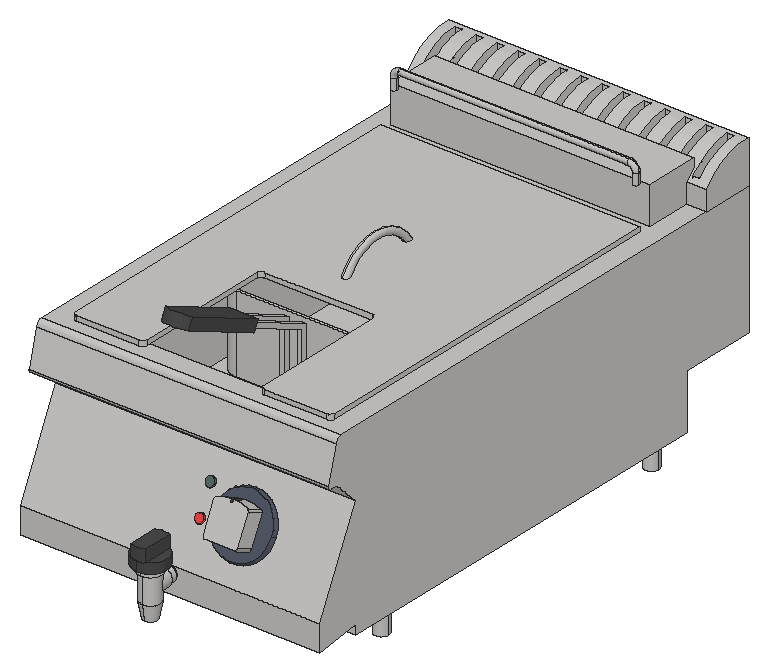
Revit family "QF_ZANUSSI_372079_Z7FRED1E00", category Specialty Equipment, Revit 2018
Family settings
  Round Connector Dimension = Use Diameter
  Part Type = Normal
  Work Plane-Based = No
  Always vertical = Yes
  Cut with Voids When Loaded = No
  Shared = No
  Room Calculation Point = No
Parameters
  Width = 400 mm  # constant formula
  Weight in Pounds = 55  # constant formula
  Weight = 0.00 kg
  Watts = 8700 W  # constant formula
  Volts = 400 V  # constant formula
  URL Manufacturer = "http://www.zanussiprofessional.com"
  URL Cutsheet = "www.electrolux.com/foodservice"
  URL = "http://www.zanussiprofessional.com"
  Type Mark [instance] = ""
  Steam Supply Size = 0"
  Steam Supply Minimum Pressure = 0.00 psi
  Steam Supply Maximum Pressure = 0.00 psi
  Steam Pounds per Hour = 0
  Status [instance] = ""
  Specification by User [instance] = ""
  Specification by Manufacturer = ""
  Show Logo [instance] = yes
  Show Clearance [instance] = yes
  Serial Number = ""
  Seismic Rating = ""
  SMACNA No = ""
  Revision Code [instance] = ""
  Refrigeration Suction Line Size = 0"
  Refrigeration Liquid Line Size = 0"
  Refrigerant Compressor Remote = yes
  Phase = 3  # constant formula
  Omniclass Number and Title = ""
  Number of Poles [instance] = 1
  NAFEM Spec ID Number = ""
  Model = "Z7FRED1E00"
  Min Ckt Ampacity = 0 A
  Max Overcurrent Protection = 0 A
  Masterspec = ""
  Manufacturer = "Zanussi"
  Length Actual = 400 mm  # constant formula
  Item Number [instance] = "372079"
  Installed By [instance] = ""
  Identify Quantity as Lot [instance] = yes
  Hot Water Size = 0"
  Height Actual = 250 mm  # constant formula
  Height = 333 mm  # constant formula
  HP = "11.7 HP"
  Gas Size = 0"
  Gas KW = 0
  Gas Input = 0.0 Btu/h
  Furnished By [instance] = ""
  Foodservice Equipment Identifier [instance] = yes
  FL Amps = if(Phase = 3, Watts / (Volts * 1.73), Watts / Volts)  # 12.5723 A
  Electrical Remarks [instance] = "400 V/3N ph/50/60 Hz"  # constant formula
  Electric Connection Type [instance] = ""
  Elec Conn RI Height [instance] = 0 mm
  Elec Conn Connection Height [instance] = 0 mm
  Direct Waste Size = 0"
  Description = "12 LITRE ELECTRIC FRYER TOP 400 MM"
  Depth Actual = 700 mm  # constant formula
  Depth = 715 mm  # constant formula
  Cycle [instance] = if([60 Hertz Option], 60 Hz, 50 Hz)  # 60 Hz
  Conn Plug = ""
  Conn Conduit = yes
  Condensate Return Size = 0"
  Compressed Air Volume = 0 GPM
  Compressed Air Size = 0"
  Compressed Air Pressure = 0.00 psi
  Cold Water Size = 0"
  CSI MasterFormat = ""
  CSI Master Format = ""
  Base Height [instance] = 25 mm  # constant formula
  Apparent Power = if(Phase = 3, Volts * FL Amps * 1.73, Volts * FL Amps)  # 8700 VA
  Accessory = yes
  60 Hertz Option [instance] = not([50 Hertz Option])  # yes
  50 Hertz Option [instance] = no
Reference planes
  plane 1 "BACK": y = 0
  plane 2: z = 0
  plane 3 "LEFT": x = 0
  plane 4 "RIGHT": x = 400
  plane 5 "FRONT": y = -715
  plane 6 "TOP": z = 333
  plane 7 "Center Y": x = 200
  plane 8 "Center X": y = -357.5
  plane 9 "BASE": z = 25
  plane 10 "TOP A": z = 275
  plane 11: y = -597.884
  plane 12: y = -147.637
Forms (mm)
  Extrusion 1, solid, material "QF_Finishes_Stainless Steel"
    sketch origin (0, 0, 0) x (0, 1, 0) y (0, 0, 1)
      loop
        line (0, 99) -> (0, 275) -> (-679.358, 275)
        arc (-679.358, 275) -> (-684.643, 272.811) -> (-686.833, 267.526) r 7.474
        line (-686.833, 267.526) -> (-699.884, 222.011)
        arc (-699.884, 222.011) -> (-699.396, 219.379) -> (-697, 218.184) r 3
        line (-697, 218.184) -> (-686.802, 218.184) -> (-654.982, 186.364) -> (-715, 65.508) -> (-715, 30.508) -> (-658.645, 38.428)
        arc (-658.645, 38.428) -> (-656.101, 37.674) -> (-655, 35.259) r 3.2
        line (-655, 35.259) -> (-655, 25) -> (-103, 25) -> (-103, 99) -> (0, 99)
    from 0 to 400
  Extrusion 2, solid, material "QF_Finishes_Stainless Steel"
    sketch origin (0, 0, 0) x (0, 1, 0) y (0, 0, 1)
      loop
        line (0, 275) -> (0, 333)
        arc (0, 333) -> (-38.715, 324.821) -> (-69.85, 300.4) r 87.358
        line (-69.85, 300.4) -> (-69.85, 275) -> (0, 275)
    from 0 to 400
  Extrusion 3, void
    sketch origin (0, 0, 275) x (-1, 0, 0) y (0, -1, 0)
      loop
        line (-33.338, 147.762) -> (-33.338, 652.139) -> (-366.662, 652.139) -> (-366.662, 147.762) -> (-33.338, 147.762)
    from 0 to -152.4
  Extrusion 4, solid, material "QF_Finishes_Stainless Steel"
    sketch origin (0, 0, 275) x (-1, 0, 0) y (0, -1, 0)
      loop
        arc (-26.988, 655.762) -> (-28.847, 660.252) -> (-33.338, 662.112) r 6.35
        line (-33.338, 662.112) -> (-115.862, 662.112)
        arc (-115.862, 662.112) -> (-120.353, 660.252) -> (-122.212, 655.762) r 6.35
        line (-122.212, 655.762) -> (-122.212, 473.637)
        arc (-122.212, 473.637) -> (-124.072, 469.146) -> (-128.562, 467.287) r 6.35
        line (-128.562, 467.287) -> (-271.412, 467.287)
        arc (-271.412, 467.287) -> (-275.903, 469.146) -> (-277.762, 473.637) r 6.35
        line (-277.762, 473.637) -> (-277.762, 655.762)
        arc (-277.762, 655.762) -> (-279.622, 660.252) -> (-284.112, 662.112) r 6.35
        line (-284.112, 662.112) -> (-366.662, 662.112)
        arc (-366.662, 662.112) -> (-371.153, 660.252) -> (-373.012, 655.762) r 6.35
        line (-373.012, 655.762) -> (-373.012, 147.762) -> (-26.988, 147.762) -> (-26.988, 655.762)
    from 0 to 6.35
  Sweep 5, solid, material "QF_Finishes_Stainless Steel"
    path origin (200, 0, 0) x (0, 1, 0) y (0, 0, 1)
      loop
        arc (-315.761, 275) -> (-370.2, 308.779) -> (-424.639, 275) r 60.757
    profile origin (200, -370.2, 308.779) x (0, 0, -1) y (1, 0, 0)
      loop
        circle (0, 0) r 4.353
  Sweep 6, solid, material "QF_Finishes_Stainless Steel"
    path origin (0, 0, 0) x (1, 0, 0) y (0, 0, 1)
      loop
        line (39.688, 324.638) -> (39.688, 339.35)
        arc (39.688, 339.35) -> (41.547, 343.84) -> (46.038, 345.7) r 6.35
        line (46.038, 345.7) -> (352.25, 345.7)
        arc (352.25, 345.7) -> (356.74, 343.84) -> (358.6, 339.35) r 6.35
        line (358.6, 339.35) -> (358.6, 324.638)
    profile origin (39.688, 0, 331.994) x (-1, 0, 0) y (0, -1, 0)
      loop
        circle (2.09, 138.254) r 3.827
  Extrusion 7, void
    sketch origin (0, 0, 275) x (-1, 0, 0) y (0, -1, 0)
      loop
        line (-13.453, 6.761) -> (-13.453, 63.911) -> (-22.749, 63.911) -> (-22.749, 6.761) -> (-13.453, 6.761)
    from 25.4 to 63.5
  Extrusion 8, void
    sketch origin (400.05, 0, 275) x (1, 0, 0) y (0, 1, 0)
      loop
        line (-13.503, -6.761) -> (-22.799, -6.761) -> (-22.799, -63.911) -> (-13.503, -63.911) -> (-13.503, -6.761)
    from 25.4 to 63.5
  Extrusion 9, void
    sketch origin (27.988, 0, 275) x (-1, 0, 0) y (0, -1, 0)
      loop
        line (-13.453, 6.761) -> (-13.453, 63.911) -> (-22.749, 63.911) -> (-22.749, 6.761) -> (-13.453, 6.761)
    from 25.4 to 63.5
  Extrusion 10, void
    sketch origin (55.977, 0, 275) x (-1, 0, 0) y (0, -1, 0)
      loop
        line (-13.453, 6.761) -> (-13.453, 63.911) -> (-22.749, 63.911) -> (-22.749, 6.761) -> (-13.453, 6.761)
    from 25.4 to 63.5
  Extrusion 11, void
    sketch origin (83.965, 0, 275) x (-1, 0, 0) y (0, -1, 0)
      loop
        line (-13.428, 6.761) -> (-13.428, 63.911) -> (-22.724, 63.911) -> (-22.724, 6.761) -> (-13.428, 6.761)
    from 25.4 to 63.5
  Extrusion 12, void
    sketch origin (111.953, 0, 275) x (-1, 0, 0) y (0, -1, 0)
      loop
        line (-13.428, 6.761) -> (-13.428, 63.911) -> (-22.724, 63.911) -> (-22.724, 6.761) -> (-13.428, 6.761)
    from 25.4 to 63.5
  Extrusion 13, void
    sketch origin (139.942, 0, 275) x (-1, 0, 0) y (0, -1, 0)
      loop
        line (-13.428, 6.761) -> (-13.428, 63.911) -> (-22.724, 63.911) -> (-22.724, 6.761) -> (-13.428, 6.761)
    from 25.4 to 63.5
  Extrusion 14, void
    sketch origin (167.93, 0, 275) x (-1, 0, 0) y (0, -1, 0)
      loop
        line (-13.428, 6.761) -> (-13.428, 63.911) -> (-22.724, 63.911) -> (-22.724, 6.761) -> (-13.428, 6.761)
    from 25.4 to 63.5
  Extrusion 15, void
    sketch origin (195.918, 0, 275) x (-1, 0, 0) y (0, -1, 0)
      loop
        line (-13.428, 6.761) -> (-13.428, 63.911) -> (-22.724, 63.911) -> (-22.724, 6.761) -> (-13.428, 6.761)
    from 25.4 to 63.5
  Extrusion 16, void
    sketch origin (223.907, 0, 275) x (-1, 0, 0) y (0, -1, 0)
      loop
        line (-13.428, 6.761) -> (-13.428, 63.911) -> (-22.724, 63.911) -> (-22.724, 6.761) -> (-13.428, 6.761)
    from 25.4 to 63.5
  Extrusion 17, void
    sketch origin (251.895, 0, 275) x (-1, 0, 0) y (0, -1, 0)
      loop
        line (-13.428, 6.761) -> (-13.428, 63.911) -> (-22.724, 63.911) -> (-22.724, 6.761) -> (-13.428, 6.761)
    from 25.4 to 63.5
  Extrusion 18, void
    sketch origin (279.884, 0, 275) x (-1, 0, 0) y (0, -1, 0)
      loop
        line (-13.403, 6.761) -> (-13.403, 63.911) -> (-22.699, 63.911) -> (-22.699, 6.761) -> (-13.403, 6.761)
    from 25.4 to 63.5
  Extrusion 19, void
    sketch origin (307.872, 0, 275) x (-1, 0, 0) y (0, -1, 0)
      loop
        line (-13.403, 6.761) -> (-13.403, 63.911) -> (-22.699, 63.911) -> (-22.699, 6.761) -> (-13.403, 6.761)
    from 25.4 to 63.5
  Extrusion 20, void
    sketch origin (335.86, 0, 275) x (-1, 0, 0) y (0, -1, 0)
      loop
        line (-13.403, 6.761) -> (-13.403, 63.911) -> (-22.699, 63.911) -> (-22.699, 6.761) -> (-13.403, 6.761)
    from 25.4 to 63.5
  Extrusion 21, solid, material "QF_Finishes_Stainless Steel"
    sketch origin (0, 0, 0) x (1, 0, 0) y (0, 1, 0)
      loop
        circle (11.112, -147.638) r 9.525
      loop
        circle (11.112, -597.884) r 9.525
      loop
        circle (388.887, -147.638) r 9.525
      loop
        circle (388.887, -597.884) r 9.525
    from 0 to 25
  Revolve 22, solid, material "QF_Finishes_Stainless Steel"
    sketch origin (200.025, 0, 0) x (0, 1, 0) y (0, 0, 1)
      loop
        line (-747.926, 16.877) -> (-738.917, 16.877) -> (-735.301, 37.388) -> (-735.301, 73.729) -> (-732.023, 73.729) -> (-732.023, 81.608) -> (-725.673, 81.608) -> (-725.673, 94.308) -> (-747.926, 94.308) -> (-747.926, 16.877)
      axis (-747.926, 16.877) -> (-747.926, 94.308)
    angle from 0 to 360
  Revolve 23, solid, material "QF_Finishes_Stainless Steel"
    sketch origin (200.025, 0, 0) x (0, 1, 0) y (0, 0, 1)
      loop
        line (-698.522, 56.75) -> (-749.322, 56.75) -> (-749.322, 44.447) -> (-727.357, 44.447) -> (-727.357, 46.149) -> (-718.364, 46.149) -> (-718.364, 48.196) -> (-698.522, 48.196) -> (-698.522, 56.75)
      axis (-749.322, 56.75) -> (-698.522, 56.75)
    angle from 0 to 360
  Extrusion 24, solid, material "QF_Finishes_Black"
    sketch origin (200.025, -747.926, 94.308) x (0, 1, 0) y (-1, 0, 0)
      loop
        line (20.063, 9.626) -> (-20.063, 9.626)
        arc (-20.063, 9.626) -> (-22.253, 0) -> (-20.063, -9.626) r 22.253
        line (-20.063, -9.626) -> (20.063, -9.626)
        arc (20.063, -9.626) -> (22.253, 0) -> (20.063, 9.626) r 22.253
    from 0 to 16.412
  Extrusion 25, solid, material "QF_Finishes_Stainless Steel"
    sketch origin (0, -101.6, 102.788) x (0, 0, -1) y (-1, 0, 0)
      loop
        circle (43.882, -336.5) r 12.7
    from 0 to 12.7
  Extrusion 26, solid, material "QF_Finishes_Clearance", visible <- "Show Clearance", detail levels coarse
    sketch origin (0, 0, 0) x (1, 0, 0) y (0, 1, 0)
      loop
        line (0, -715) -> (0, 0) -> (400, 0) -> (400, -715) -> (550.019, -715) -> (550.019, 150.019) -> (-150.019, 150.019) -> (-150.019, -715) -> (0, -715)
    from 0 to 333
  Extrusion 27, solid, material "QF_Finishes_Black"
    sketch origin (265.962, -708.83, 366.66) x (0, 0.906308, -0.422618) y (-1, 0, 0)
      loop
        line (10.103, 47.345) -> (128.716, 47.345) -> (128.716, 84.58) -> (10.103, 84.58)
        arc (10.103, 84.58) -> (-0.124, 65.962) -> (10.103, 47.345) r 22.059
    from -15.884 to 0
  Extrusion 28, solid, material "QF_Finishes_Stainless Steel"
    sketch origin (265.962, 41.275, 0) x (0, 1, 0) y (0, 0, 1)
      loop
        line (-547.91, 166) -> (-547.91, 267.478) -> (-635.463, 308.305) -> (-638.147, 302.55) -> (-554.26, 263.433) -> (-554.26, 166) -> (-547.91, 166)
    from -80.476 to -74.619
  Extrusion 29, solid, material "QF_Finishes_Stainless Steel"
    sketch origin (134.088, 41.275, 0) x (0, 1, 0) y (0, 0, -1)
      loop
        line (-554.26, -263.433) -> (-638.147, -302.55) -> (-635.463, -308.305) -> (-547.91, -267.478) -> (-547.91, -166) -> (-554.26, -166) -> (-554.26, -263.433)
    from -80.476 to -74.619
  Extrusion 30, solid, material "QF_Finishes_Mesh"
    sketch origin (0, 0, 274.638) x (-1, 0, 0) y (0, -1, 0)
      loop
        arc (-116.6, 189.135) -> (-98.64, 196.575) -> (-91.2, 214.535) r 25.4
        line (-91.2, 214.535) -> (-91.2, 473.61)
        arc (-91.2, 473.61) -> (-98.64, 491.571) -> (-116.6, 499.01) r 25.4
        line (-116.6, 499.01) -> (-294.375, 499.01)
        arc (-294.375, 499.01) -> (-312.336, 491.571) -> (-319.775, 473.61) r 25.4
        line (-319.775, 473.61) -> (-319.775, 214.535)
        arc (-319.775, 214.535) -> (-312.336, 196.575) -> (-294.375, 189.135) r 25.4
        line (-294.375, 189.135) -> (-116.6, 189.135)
      loop
        arc (-116.6, 192.31) -> (-100.885, 198.82) -> (-94.375, 214.535) r 22.225
        line (-94.375, 214.535) -> (-94.375, 473.61)
        arc (-94.375, 473.61) -> (-100.885, 489.326) -> (-116.6, 495.835) r 22.225
        line (-116.6, 495.835) -> (-294.375, 495.835)
        arc (-294.375, 495.835) -> (-310.091, 489.326) -> (-316.6, 473.61) r 22.225
        line (-316.6, 473.61) -> (-316.6, 214.535)
        arc (-316.6, 214.535) -> (-310.091, 198.82) -> (-294.375, 192.31) r 22.225
        line (-294.375, 192.31) -> (-116.6, 192.31)
    from -109 to -5.315
  Extrusion 31, solid, material "QF_Finishes_Stainless Steel"
    sketch origin (0, -698.522, 32.09) x (0, 0, 1) y (-1, 0, 0)
      loop
        line (242.147, -26.988) -> (242.147, -373.012) -> (292.147, -373.012) -> (292.147, -26.988) -> (242.147, -26.988)
    from -641.266 to -567.467
  Blend 32, solid, material "QF_Finishes_Navy Blue"
    base sketch origin (275, -684.991, 125.936) x (1, 0, 0) y (0, 0.444781, 0.895639)
      loop
        circle (0, 0) r 42.5
    top sketch origin (275, -684.991, 125.936) x (1, 0, 0) y (0, 0.444781, 0.895639)
      loop
        circle (0, 0) r 40.5
    from 0 to 5
  Extrusion 33, solid, material "QF_Finishes_Stainless Steel"
    sketch origin (275, -684.991, 125.936) x (1, 0, 0) y (0, 0.444781, 0.895639)
      loop
        arc (-21.147, 22.789) -> (-22.494, 21.685) -> (-23, 20.019) r 2.997
        line (-23, 20.019) -> (-23, -20.019)
        arc (-23, -20.019) -> (-22.122, -22.138) -> (-20.003, -23.016) r 2.997
        line (-20.003, -23.016) -> (20.003, -23.016)
        arc (20.003, -23.016) -> (22.122, -22.138) -> (23, -20.019) r 2.997
        line (23, -20.019) -> (23, 20.019)
        arc (23, 20.019) -> (22.494, 21.685) -> (21.147, 22.789) r 2.997
        arc (21.147, 22.789) -> (0, 26.984) -> (-21.147, 22.789) r 55.4
    from 10 to 34
  Extrusion 34, solid, material "QF_Finishes_Stainless Steel"
    sketch origin (275, -684.991, 125.936) x (1, 0, 0) y (0, 0.444781, 0.895639)
      loop
        line (17.5, 17.5) -> (-17.5, 17.5) -> (-17.5, -17.5) -> (17.5, -17.5) -> (17.5, 17.5)
    from 5 to 10
  Extrusion 35, solid, material "QF_Plastic-Black-Matte"
    sketch origin (195, -684.991, 125.936) x (0, 0.444781, 0.895639) y (0, 0.895639, -0.444781)
      loop
        line (26.984, -34) -> (23.984, -34) -> (23.984, -35) -> (26.984, -35)
        arc (26.984, -35) -> (27.691, -34.707) -> (27.984, -34) r 1
        line (27.984, -34) -> (27.984, -19) -> (26.984, -19) -> (26.984, -34)
    from -81 to -79
  Extrusion 36, solid, material "QF_Finishes_Red"
    sketch origin (275, -689.439, 116.98) x (1, 0, 0) y (0, 0.444781, 0.895639)
      loop
        circle (-55.001, 0) r 6
    from 0 to 1.6
  Extrusion 37, solid, material "QF_Finishes_DarkGreen"
    sketch origin (275, -671.648, 152.805) x (1, 0, 0) y (0, 0.444781, 0.895639)
      loop
        circle (-55.001, 0) r 6
    from 0 to 1.6
Cuts and joins
  Extrusion 3, Extrusion 7 cuts Extrusion 1
  joined: Extrusion 4, Sweep 5
  Extrusion 7, Extrusion 8, Extrusion 9, Extrusion 10, Extrusion 11, Extrusion 12, Extrusion 13, Extrusion 14, Extrusion 15, Extrusion 16, Extrusion 17, Extrusion 18, Extrusion 19, Extrusion 20 cuts Extrusion 2
Lines and regions (mm)
  Split face 1
    outline origin (276.664, -684.796, 137.57) x (1, 0, 0) y (0, 0.444781, 0.895639)
      loop
        circle (-34, 0) r 1.5
  Split face 2
    outline origin (273.297, -687.581, 131.962) x (1, 0, 0) y (0, 0.444781, 0.895639)
      loop
        circle (-30.633, -14.752) r 1.5
  Split face 3
    outline origin (276.214, -689.88, 127.332) x (1, 0, 0) y (0, 0.444781, 0.895639)
      loop
        circle (-21.199, -26.582) r 1.5
  Split face 4
    outline origin (282.566, -689.848, 127.397) x (1, 0, 0) y (0, 0.444781, 0.895639)
      loop
        circle (-7.566, -33.148) r 1.5
  Split face 5
    outline origin (287.419, -686.96, 133.212) x (1, 0, 0) y (0, 0.444781, 0.895639)
      loop
        circle (7.566, -33.148) r 1.5
  Split face 6
    outline origin (286.137, -682.319, 142.558) x (1, 0, 0) y (0, 0.444781, 0.895639)
      loop
        circle (21.199, -26.582) r 1.5
  Split face 7
    outline origin (276.703, -678.235, 150.783) x (1, 0, 0) y (0, 0.444781, 0.895639)
      loop
        circle (30.633, -14.752) r 1.5
  Split face 8
    outline origin (260.985, -677.235, 152.796) x (1, 0, 0) y (0, 0.444781, 0.895639)
      loop
        circle (34, 0) r 1.5
  Split face 9
    outline origin (275, -689.469, 128.16) x (1, 0, 0) y (0, 0.444781, 0.895639)
      loop
        circle (0, 34) r 1.5
  symbolic lines, style "QF-Clearances", visible <- "Show Clearance", detail levels coarse
    curve 1: line (-150.019, 150.019, 275) -> (-150.019, -716.377, 275)
    curve 2: line (550.019, 150.019, 275) -> (-150.019, 150.019, 275)
    curve 3: line (550.019, -716.377, 275) -> (550.019, 150.019, 275)
  symbolic lines
    curve 4: line (0, 0, 275) -> (400, 0, 275)
    curve 5: line (0, -715, 275) -> (0, 0, 275)
    curve 6: line (400, 0, 275) -> (400, -715, 275)
    curve 7: line (22.724, -6.761, 275) -> (22.724, -63.911, 275)
    curve 8: line (22.724, -63.911, 275) -> (13.428, -63.911, 275)
    curve 9: line (13.428, -63.911, 275) -> (13.428, -6.761, 275)
    curve 10: line (13.428, -6.761, 275) -> (22.724, -6.761, 275)
    curve 11: line (386.547, -6.761, 275) -> (386.547, -63.911, 275)
    curve 12: line (386.547, -63.911, 275) -> (377.251, -63.911, 275)
    curve 13: line (377.251, -63.911, 275) -> (377.251, -6.761, 275)
    curve 14: line (377.251, -6.761, 275) -> (386.547, -6.761, 275)
    curve 15: line (50.712, -6.761, 275) -> (50.712, -63.911, 275)
    curve 16: line (50.712, -63.911, 275) -> (41.416, -63.911, 275)
    curve 17: line (41.416, -63.911, 275) -> (41.416, -6.761, 275)
    curve 18: line (41.416, -6.761, 275) -> (50.712, -6.761, 275)
    curve 19: line (78.7, -6.761, 275) -> (78.7, -63.911, 275)
    curve 20: line (78.7, -63.911, 275) -> (69.405, -63.911, 275)
    curve 21: line (69.405, -63.911, 275) -> (69.405, -6.761, 275)
    curve 22: line (69.405, -6.761, 275) -> (78.7, -6.761, 275)
    curve 23: line (106.689, -6.761, 275) -> (106.689, -63.911, 275)
    curve 24: line (106.689, -63.911, 275) -> (97.393, -63.911, 275)
    curve 25: line (97.393, -63.911, 275) -> (97.393, -6.761, 275)
    curve 26: line (97.393, -6.761, 275) -> (106.689, -6.761, 275)
    curve 27: line (134.677, -6.761, 275) -> (134.677, -63.911, 275)
    curve 28: line (134.677, -63.911, 275) -> (125.381, -63.911, 275)
    curve 29: line (125.381, -63.911, 275) -> (125.381, -6.761, 275)
    curve 30: line (125.381, -6.761, 275) -> (134.677, -6.761, 275)
    curve 31: line (162.665, -6.761, 275) -> (162.665, -63.911, 275)
    curve 32: line (162.665, -63.911, 275) -> (153.37, -63.911, 275)
    curve 33: line (153.37, -63.911, 275) -> (153.37, -6.761, 275)
    curve 34: line (153.37, -6.761, 275) -> (162.665, -6.761, 275)
    curve 35: line (190.654, -6.761, 275) -> (190.654, -63.911, 275)
    curve 36: line (190.654, -63.911, 275) -> (181.358, -63.911, 275)
    curve 37: line (181.358, -63.911, 275) -> (181.358, -6.761, 275)
    curve 38: line (181.358, -6.761, 275) -> (190.654, -6.761, 275)
    curve 39: line (218.642, -6.761, 275) -> (218.642, -63.911, 275)
    curve 40: line (218.642, -63.911, 275) -> (209.346, -63.911, 275)
    curve 41: line (209.346, -63.911, 275) -> (209.346, -6.761, 275)
    curve 42: line (209.346, -6.761, 275) -> (218.642, -6.761, 275)
    curve 43: line (246.605, -6.761, 275) -> (246.605, -63.911, 275)
    curve 44: line (246.605, -63.911, 275) -> (237.31, -63.911, 275)
    curve 45: line (237.31, -63.911, 275) -> (237.31, -6.761, 275)
    curve 46: line (237.31, -6.761, 275) -> (246.605, -6.761, 275)
    curve 47: line (274.594, -6.761, 275) -> (274.594, -63.911, 275)
    curve 48: line (274.594, -63.911, 275) -> (265.298, -63.911, 275)
    curve 49: line (265.298, -63.911, 275) -> (265.298, -6.761, 275)
    curve 50: line (265.298, -6.761, 275) -> (274.594, -6.761, 275)
    curve 51: line (302.582, -6.761, 275) -> (302.582, -63.911, 275)
    curve 52: line (302.582, -63.911, 275) -> (293.286, -63.911, 275)
    curve 53: line (293.286, -63.911, 275) -> (293.286, -6.761, 275)
    curve 54: line (293.286, -6.761, 275) -> (302.582, -6.761, 275)
    curve 55: line (330.57, -6.761, 275) -> (330.57, -63.911, 275)
    curve 56: line (330.57, -63.911, 275) -> (321.275, -63.911, 275)
    curve 57: line (321.275, -63.911, 275) -> (321.275, -6.761, 275)
    curve 58: line (321.275, -6.761, 275) -> (330.57, -6.761, 275)
    curve 59: line (358.559, -6.761, 275) -> (358.559, -63.911, 275)
    curve 60: line (358.559, -63.911, 275) -> (349.263, -63.911, 275)
    curve 61: line (349.263, -63.911, 275) -> (349.263, -6.761, 275)
    curve 62: line (349.263, -6.761, 275) -> (358.559, -6.761, 275)
    curve 63: line (26.988, -147.762, 275) -> (26.988, -655.762, 275)
    curve 64: arc (26.988, -655.762, 275) -> (28.847, -660.252, 275) -> (33.338, -662.112, 275) r 6.35
    curve 65: line (33.338, -662.112, 275) -> (115.863, -662.112, 275)
    curve 66: arc (115.863, -662.112, 275) -> (120.353, -660.252, 275) -> (122.213, -655.762, 275) r 6.35
    curve 67: line (122.213, -655.762, 275) -> (122.213, -473.512, 275)
    curve 68: arc (122.212, -473.512, 275) -> (124.072, -469.021, 275) -> (128.562, -467.162, 275) r 6.35
    curve 69: line (128.562, -467.162, 275) -> (271.412, -467.162, 275)
    curve 70: arc (271.412, -467.162, 275) -> (275.903, -469.021, 275) -> (277.762, -473.512, 275) r 6.35
    curve 71: line (277.762, -473.512, 275) -> (277.762, -655.762, 275)
    curve 72: arc (277.762, -655.762, 275) -> (279.622, -660.252, 275) -> (284.112, -662.112, 275) r 6.35
    curve 73: line (284.112, -662.112, 275) -> (366.662, -662.112, 275)
    curve 74: arc (366.662, -662.112, 275) -> (371.153, -660.252, 275) -> (373.012, -655.762, 275) r 6.35
    curve 75: line (373.012, -655.762, 275) -> (373.012, -147.762, 275)
    curve 76: line (373.012, -147.762, 275) -> (26.988, -147.762, 275)
    curve 77: line (31.725, -69.85, 275) -> (0, -69.85, 275)
    curve 78: line (0, -69.85, 275) -> (0, -120.65, 275)
    curve 79: line (0, -69.85, 275) -> (400, -69.85, 275)
    curve 80: line (218.617, -706.386, 275) -> (218.617, -592.174, 275)
    curve 81: line (181.383, -592.174, 275) -> (181.383, -706.386, 275)
    curve 82: line (218.617, -592.174, 275) -> (181.383, -592.174, 275)
    curve 83: spline (218.617, -706.386, 275) -> (216.385, -709.048, 275) -> (213.694, -711.336, 275) -> (210.621, -713.185, 275) -> (207.25, -714.544, 275) -> (203.676, -715.375, 275) -> (200, -715.655, 275) -> (196.324, -715.375, 275) -> (192.75, -714.544, 275) -> (189.379, -713.185, 275) -> (186.306, -711.336, 275) -> (183.615, -709.048, 275) -> (181.383, -706.386, 275)
    curve 84: line (218.617, -655.762, 275) -> (277.762, -655.762, 275)
    curve 85: line (181.383, -655.762, 275) -> (122.213, -655.762, 275)
    curve 86: line (191.318, -499.01, 275) -> (191.318, -592.174, 275)
    curve 87: line (185.462, -592.174, 275) -> (185.462, -499.01, 275)
    curve 88: line (214.538, -499.01, 275) -> (214.538, -592.174, 275)
    curve 89: line (208.682, -592.174, 275) -> (208.682, -499.01, 275)
    curve 90: spline (181.383, -699.673, 275) -> (183.615, -702.336, 275) -> (186.306, -704.623, 275) -> (189.379, -706.473, 275) -> (192.75, -707.832, 275) -> (196.324, -708.663, 275) -> (200, -708.942, 275) -> (203.676, -708.663, 275) -> (207.25, -707.832, 275) -> (210.621, -706.473, 275) -> (213.694, -704.623, 275) -> (216.385, -702.336, 275) -> (218.617, -699.673, 275)
    curve 91: line (195.545, -420.932, 275) -> (195.545, -319.469, 275)
    curve 92: line (204.443, -319.469, 275) -> (204.443, -420.932, 275)
    curve 93: arc (195.545, -420.932, 275) -> (199.994, -425.382, 275) -> (204.443, -420.932, 275) r 4.449
    curve 94: arc (195.545, -319.469, 275) -> (199.994, -315.02, 275) -> (204.443, -319.469, 275) r 4.449
    curve 95: line (37.699, -134.427, 275) -> (362.301, -134.427, 275)
    curve 96: line (362.301, -142.082, 275) -> (37.699, -142.082, 275)
    curve 97: line (122.213, -499.01, 275) -> (277.762, -499.01, 275)
    curve 98: line (122.213, -495.835, 275) -> (277.762, -495.835, 275)
    curve 99: arc (200, -770.179, 275) -> (222.253, -747.926, 275) -> (200, -725.673, 275) r 22.253
    curve 100: arc (200, -725.673, 275) -> (177.747, -747.926, 275) -> (200, -770.179, 275) r 22.253
    curve 101: line (190.374, -727.863, 275) -> (190.374, -767.989, 275)
    curve 102: line (209.626, -767.989, 275) -> (209.626, -727.863, 275)
    curve 103: line (210.947, -728.552, 275) -> (210.947, -715, 275)
    curve 104: line (189.208, -728.465, 275) -> (189.208, -715, 275)
    curve 105: arc (37.699, -142.082, 275) -> (33.871, -138.254, 275) -> (37.699, -134.427, 275) r 3.827
    curve 106: arc (362.301, -142.082, 275) -> (366.129, -138.254, 275) -> (362.301, -134.427, 275) r 3.827
    curve 107: line (26.988, -146.055, 275) -> (26.988, -72.256, 275)
    curve 108: line (26.988, -72.256, 275) -> (373.012, -72.256, 275)
    curve 109: line (373.012, -72.256, 275) -> (373.012, -146.055, 275)
    curve 110: line (373.012, -146.055, 275) -> (26.988, -146.055, 275)
    curve 111: line (26.988, -116.927, 275) -> (0, -116.927, 275)
    curve 112: line (373.012, -116.927, 275) -> (400, -116.927, 275)
    curve 113: line (0, -700, 0) -> (400.05, -700, 0)
    curve 114: line (252, -700, 0) -> (252, -724.347, 0)
    curve 115: arc (252, -724.347, 0) -> (252.146, -724.811, 0) -> (252.532, -725.107, 0) r 0.809
    curve 116: arc (252.532, -725.107, 0) -> (253.72, -725.587, 0) -> (254.997, -725.68, 0) r 4.127
    curve 117: arc (252, -704.292, 0) -> (246.959, -702.458, 0) -> (242.191, -700, 0) r 42.24
    curve 118: arc (252, -706.539, 0) -> (252.502, -705.818, 0) -> (253.299, -705.448, 0) r 1.682
    curve 119: arc (253.299, -705.448, 0) -> (263.602, -703.95, 0) -> (274, -703.441, 0) r 109.079
    curve 120: line (274, -700, 0) -> (274, -705.671, 0)
    curve 121: line (274, -705.671, 0) -> (276, -705.671, 0)
    curve 122: line (276, -705.671, 0) -> (276, -700, 0)
    curve 123: line (298, -700, 0) -> (298, -724.347, 0)
    curve 124: arc (298, -724.347, 0) -> (297.854, -724.811, 0) -> (297.468, -725.107, 0) r 0.809
    curve 125: arc (297.468, -725.107, 0) -> (296.28, -725.587, 0) -> (295.003, -725.68, 0) r 4.127
    curve 126: arc (298, -704.292, 0) -> (303.041, -702.458, 0) -> (307.809, -700, 0) r 42.24
    curve 127: arc (298, -706.539, 0) -> (297.498, -705.818, 0) -> (296.701, -705.448, 0) r 1.682
    curve 128: arc (296.701, -705.448, 0) -> (286.398, -703.95, 0) -> (276, -703.441, 0) r 109.079
    curve 129: line (254.997, -725.68, 0) -> (295.003, -725.68, 0)
    curve 130: line (298, -715, 0) -> (400.05, -715, 0)
    curve 131: line (0, -715, 0) -> (194.503, -715, 0)
    curve 132: line (205.547, -715, 0) -> (252, -715, 0)
Dimensions and locks
  equal spacing: plane 3 "LEFT", plane 7 "Center Y", plane 4 "RIGHT"
  "Width": plane 3 "LEFT" to plane 4 "RIGHT"
  equal spacing: plane 5 "FRONT", plane 8 "Center X", plane 1 "BACK"
  "Depth": plane 5 "FRONT" to plane 1 "BACK"
  "Height": plane 6 "TOP" to level
  "Base Height": plane 9 "BASE" to level
  plane 1 "BACK" to plane 5 "FRONT" = 715 mm
  aligned and locked: level to plane 2
  aligned and locked: plane 4 "RIGHT" to Extrusion 1
  aligned and locked: plane 4 "RIGHT" to Extrusion 2
  aligned and locked: plane 9 "BASE" to Extrusion 21
  aligned and locked: plane 6 "TOP" to Extrusion 26
Automatic sketch dimensions
  Sweep 5 sketch curve to plane 10 "TOP A" = 0 mm  (x2)
  Sweep 5 sketch curve to plane 8 "Center X" = 67.139 mm
  Sweep 5 sketch curve to plane 8 "Center X" = 12.7 mm
  Sweep 5 sketch curve to plane 10 "TOP A" = 26.978 mm
  Sweep 5 sketch curve to plane 7 "Center Y" = 0 mm
  Sweep 5 sketch curve to profile plane = 0 mm
  plane 1 "BACK" to Extrusion 7 sketch curve = 6.761 mm
  plane 3 "LEFT" to Extrusion 7 sketch curve = 22.749 mm
  Extrusion 7 sketch curve to Extrusion 7 sketch curve = 9.296 mm
  Extrusion 7 sketch curve to Extrusion 7 sketch curve = 57.15 mm
  plane 1 "BACK" to Extrusion 9 sketch curve = 6.761 mm
  plane 3 "LEFT" to Extrusion 9 sketch curve = 50.737 mm
  Extrusion 9 sketch curve to Extrusion 9 sketch curve = 9.296 mm
  Extrusion 9 sketch curve to Extrusion 9 sketch curve = 57.15 mm
  plane 1 "BACK" to Extrusion 10 sketch curve = 6.761 mm
  plane 3 "LEFT" to Extrusion 10 sketch curve = 78.725 mm
  Extrusion 10 sketch curve to Extrusion 10 sketch curve = 9.296 mm
  Extrusion 10 sketch curve to Extrusion 10 sketch curve = 57.15 mm
  plane 1 "BACK" to Extrusion 11 sketch curve = 6.761 mm
  Extrusion 11 sketch curve to plane 7 "Center Y" = 93.311 mm
  Extrusion 11 sketch curve to Extrusion 11 sketch curve = 9.296 mm
  Extrusion 11 sketch curve to Extrusion 11 sketch curve = 57.15 mm
  plane 1 "BACK" to Extrusion 12 sketch curve = 6.761 mm
  Extrusion 12 sketch curve to plane 7 "Center Y" = 65.323 mm
  Extrusion 12 sketch curve to Extrusion 12 sketch curve = 9.296 mm
  Extrusion 12 sketch curve to Extrusion 12 sketch curve = 57.15 mm
  plane 1 "BACK" to Extrusion 13 sketch curve = 6.761 mm
  Extrusion 13 sketch curve to plane 7 "Center Y" = 37.335 mm
  Extrusion 13 sketch curve to Extrusion 13 sketch curve = 9.296 mm
  Extrusion 13 sketch curve to Extrusion 13 sketch curve = 57.15 mm
  Extrusion 14 sketch curve to plane 7 "Center Y" = 9.346 mm
  Extrusion 14 sketch curve to Extrusion 14 sketch curve = 9.296 mm
  plane 1 "BACK" to Extrusion 14 sketch curve = 6.761 mm
  Extrusion 14 sketch curve to Extrusion 14 sketch curve = 57.15 mm
  plane 1 "BACK" to Extrusion 15 sketch curve = 6.761 mm
  plane 7 "Center Y" to Extrusion 15 sketch curve = 18.642 mm
  Extrusion 15 sketch curve to Extrusion 15 sketch curve = 9.296 mm
  Extrusion 15 sketch curve to Extrusion 15 sketch curve = 57.15 mm
  plane 1 "BACK" to Extrusion 16 sketch curve = 6.761 mm
  plane 7 "Center Y" to Extrusion 16 sketch curve = 46.63 mm
  Extrusion 16 sketch curve to Extrusion 16 sketch curve = 9.296 mm
  Extrusion 16 sketch curve to Extrusion 16 sketch curve = 57.15 mm
  plane 1 "BACK" to Extrusion 17 sketch curve = 6.761 mm
  plane 7 "Center Y" to Extrusion 17 sketch curve = 74.619 mm
  Extrusion 17 sketch curve to Extrusion 17 sketch curve = 9.296 mm
  Extrusion 17 sketch curve to Extrusion 17 sketch curve = 57.15 mm
  Extrusion 27 sketch curve to plane 7 "Center Y" = 0 mm
  plane 7 "Center Y" to Extrusion 27 sketch curve = 18.617 mm
  Extrusion 27 sketch curve to plane 7 "Center Y" = 18.617 mm
  Extrusion 27 sketch curve to Extrusion 27 sketch curve = 11.832 mm
  Extrusion 27 sketch curve to Extrusion 27 sketch curve = 106.78 mm
  Extrusion 28 sketch curve to plane 11 = 1.013 mm
  Extrusion 28 sketch curve to plane 11 = 3.696 mm
  Extrusion 28 sketch curve to plane 10 "TOP A" = 11.567 mm
  Extrusion 28 sketch curve to plane 11 = 84.899 mm
  Extrusion 28 sketch curve to plane 10 "TOP A" = 7.522 mm
  Extrusion 28 sketch curve to Extrusion 28 sketch curve = 6.35 mm
  Extrusion 28 sketch curve to Extrusion 28 sketch curve = 97.432 mm
  Extrusion 29 sketch curve to plane 11 = 1.013 mm
  Extrusion 29 sketch curve to plane 11 = 3.696 mm
  Extrusion 29 sketch curve to plane 10 "TOP A" = 11.567 mm
  Extrusion 29 sketch curve to plane 11 = 84.899 mm
  Extrusion 29 sketch curve to Extrusion 29 sketch curve = 6.35 mm
  Extrusion 29 sketch curve to plane 10 "TOP A" = 7.522 mm
  Extrusion 29 sketch curve to Extrusion 29 sketch curve = 97.432 mm
  Extrusion 2 sketch curve to plane 10 "TOP A" = 0 mm
  Extrusion 2 sketch curve to plane 1 "BACK" = 0 mm
  Extrusion 2 sketch curve to plane 6 "TOP" = 0 mm
  plane 1 "BACK" to Extrusion 2 sketch curve = 1.769 mm
  plane 10 "TOP A" to Extrusion 2 sketch curve = 25.4 mm
  plane 1 "BACK" to Extrusion 2 sketch curve = 69.85 mm
  plane 12 to Extrusion 3 sketch curve = 0.124 mm
  Extrusion 3 sketch curve to plane 4 "RIGHT" = 33.338 mm
  plane 3 "LEFT" to Extrusion 3 sketch curve = 33.338 mm
  plane 11 to Extrusion 3 sketch curve = 54.254 mm
  plane 12 to Extrusion 4 sketch curve = 0.124 mm
  Extrusion 4 sketch curve to plane 4 "RIGHT" = 26.988 mm
  Extrusion 4 sketch curve to Extrusion 4 sketch curve = 6.35 mm  (x3)
  Extrusion 4 sketch curve to Extrusion 4 sketch curve = 82.55 mm
  plane 7 "Center Y" to Extrusion 4 sketch curve = 77.762 mm
  Extrusion 4 sketch curve to plane 7 "Center Y" = 71.437 mm
  Extrusion 4 sketch curve to plane 7 "Center Y" = 77.787 mm
  plane 3 "LEFT" to Extrusion 4 sketch curve = 33.338 mm
  plane 3 "LEFT" to Extrusion 4 sketch curve = 26.988 mm
  Extrusion 4 sketch curve to plane 8 "Center X" = 109.787 mm
  plane 11 to Extrusion 4 sketch curve = 57.877 mm  (x2)
  plane 6 "TOP" to Sweep 6 sketch curve = 6.35 mm  (x2)
  plane 3 "LEFT" to Sweep 6 sketch curve = 39.688 mm
  Sweep 6 sketch curve to Sweep 6 sketch curve = 6.35 mm
  Sweep 6 sketch curve to plane 4 "RIGHT" = 47.75 mm
  Sweep 6 sketch curve to plane 6 "TOP" = 8.362 mm  (x2)
  Sweep 6 sketch curve to profile plane = 2.09 mm
  plane 1 "BACK" to Sweep 6 sketch curve = 138.254 mm
  Extrusion 8 sketch curve to plane 1 "BACK" = 6.761 mm
  plane 4 "RIGHT" to Extrusion 8 sketch curve = 22.749 mm
  Extrusion 8 sketch curve to Extrusion 8 sketch curve = 9.296 mm
  Extrusion 8 sketch curve to Extrusion 8 sketch curve = 57.15 mm
  plane 1 "BACK" to Extrusion 18 sketch curve = 6.761 mm
  Extrusion 18 sketch curve to plane 4 "RIGHT" = 97.418 mm
  Extrusion 18 sketch curve to Extrusion 18 sketch curve = 9.296 mm
  Extrusion 18 sketch curve to Extrusion 18 sketch curve = 57.15 mm
  plane 1 "BACK" to Extrusion 19 sketch curve = 6.761 mm
  Extrusion 19 sketch curve to plane 4 "RIGHT" = 69.43 mm
  Extrusion 19 sketch curve to Extrusion 19 sketch curve = 9.296 mm
  Extrusion 19 sketch curve to Extrusion 19 sketch curve = 57.15 mm
  plane 1 "BACK" to Extrusion 20 sketch curve = 6.761 mm
  Extrusion 20 sketch curve to plane 4 "RIGHT" = 41.441 mm
  Extrusion 20 sketch curve to Extrusion 20 sketch curve = 9.296 mm
  Extrusion 20 sketch curve to Extrusion 20 sketch curve = 57.15 mm
  plane 11 to Extrusion 21 sketch curve = 0 mm  (x2)
  plane 12 to Extrusion 21 sketch curve = 0 mm  (x2)
  plane 3 "LEFT" to Extrusion 21 sketch curve = 11.112 mm  (x2)
  Extrusion 21 sketch curve to plane 4 "RIGHT" = 11.113 mm  (x2)
  Revolve 22 sketch curve to plane 9 "BASE" = 8.123 mm
  plane 5 "FRONT" to Revolve 22 sketch curve = 32.926 mm
  Revolve 22 sketch curve to Revolve 22 sketch curve = 0 mm
  Revolve 22 sketch curve to Revolve 22 sketch curve = 9.009 mm
  plane 5 "FRONT" to Revolve 22 sketch curve = 20.301 mm
  Revolve 22 sketch curve to Revolve 22 sketch curve = 3.277 mm
  Revolve 22 sketch curve to Revolve 22 sketch curve = 6.35 mm
  plane 9 "BASE" to Revolve 22 sketch curve = 12.388 mm
  Revolve 22 sketch curve to Revolve 22 sketch curve = 36.341 mm
  Revolve 22 sketch curve to Revolve 22 sketch curve = 7.879 mm
  Revolve 22 sketch curve to Revolve 22 sketch curve = 12.7 mm  (x2)
  Revolve 22 sketch curve to Revolve 22 sketch curve = 15.064 mm
  plane 5 "FRONT" to Revolve 23 sketch curve = 34.322 mm
  plane 5 "FRONT" to Revolve 23 sketch curve = 12.357 mm
  plane 5 "FRONT" to Revolve 23 sketch curve = 3.364 mm
  Revolve 23 sketch curve to plane 5 "FRONT" = 16.478 mm
  Revolve 23 sketch curve to Revolve 23 sketch curve = 0 mm  (x2)
  Revolve 23 sketch curve to Revolve 23 sketch curve = 9.137 mm
  plane 9 "BASE" to Revolve 23 sketch curve = 19.447 mm
  Revolve 23 sketch curve to Revolve 23 sketch curve = 1.702 mm
  Revolve 23 sketch curve to Revolve 23 sketch curve = 2.047 mm
  Revolve 23 sketch curve to Revolve 23 sketch curve = 12.303 mm
  Extrusion 24 sketch curve to Revolve 22 = 9.626 mm
  Revolve 22 to Extrusion 24 sketch curve = 9.626 mm
  Extrusion 24 sketch curve to Extrusion 24 sketch curve = 0 mm
  plane 1 "BACK" to Extrusion 26 sketch curve = 0 mm
  Extrusion 26 sketch curve to plane 3 "LEFT" = 0 mm
  Extrusion 26 sketch curve to plane 4 "RIGHT" = 0 mm
  Extrusion 26 sketch curve to plane 3 "LEFT" = 150.019 mm
  plane 5 "FRONT" to Extrusion 26 sketch curve = 0 mm  (x2)
  plane 4 "RIGHT" to Extrusion 26 sketch curve = 150.019 mm
  Extrusion 26 sketch curve to plane 1 "BACK" = 150.019 mm
  Extrusion 30 sketch curve to Extrusion 30 sketch curve = 0 mm  (x8)
  Extrusion 30 sketch curve to plane 4 "RIGHT" = 80.225 mm
  Extrusion 30 sketch curve to Extrusion 30 sketch curve = 3.175 mm
  Extrusion 30 sketch curve to Extrusion 30 sketch curve = 22.225 mm  (x3)
  plane 12 to Extrusion 30 sketch curve = 44.673 mm
  Extrusion 30 sketch curve to plane 7 "Center Y" = 83.4 mm  (x2)
  Extrusion 30 sketch curve to plane 8 "Center X" = 116.11 mm
  Extrusion 31 sketch curve to Extrusion 31 sketch curve = 50 mm
  plane 11 to Extrusion 1 sketch curve = 117.116 mm
  plane 11 to Extrusion 1 sketch curve = 101.999 mm
  Extrusion 1 sketch curve to Extrusion 1 sketch curve = 2.884 mm
  plane 11 to Extrusion 1 sketch curve = 88.948 mm
  Extrusion 1 sketch curve to Extrusion 1 sketch curve = 10.198 mm
  Extrusion 1 sketch curve to Extrusion 1 sketch curve = 7.474 mm
  plane 11 to Extrusion 1 sketch curve = 60.761 mm
  plane 11 to Extrusion 1 sketch curve = 60.316 mm
  plane 11 to Extrusion 1 sketch curve = 57.116 mm
  plane 11 to Extrusion 1 sketch curve = 57.097 mm
  plane 1 "BACK" to Extrusion 1 sketch curve = 103 mm
  Extrusion 1 sketch curve to plane 6 "TOP" = 58 mm
  Extrusion 1 sketch curve to plane 1 "BACK" = 0 mm
  Extrusion 1 sketch curve to plane 6 "TOP" = 110.989 mm
  Extrusion 1 sketch curve to Extrusion 1 sketch curve = 0.827 mm
  Extrusion 1 sketch curve to plane 10 "TOP A" = 88.636 mm
  Extrusion 1 sketch curve to plane 10 "TOP A" = 176 mm
  plane 9 "BASE" to Extrusion 1 sketch curve = 40.508 mm
  Extrusion 1 sketch curve to Extrusion 1 sketch curve = 27.08 mm
  Extrusion 1 sketch curve to Extrusion 1 sketch curve = 35 mm
  Extrusion 1 sketch curve to Extrusion 1 sketch curve = 74 mm
  plane 9 "BASE" to Extrusion 25 sketch curve = 33.906 mm
  Extrusion 25 sketch curve to plane 4 "RIGHT" = 63.5 mm
  Extrusion 31 sketch curve to plane 10 "TOP A" = 0.762 mm
  Extrusion 31 sketch curve to plane 4 "RIGHT" = 26.988 mm
  plane 3 "LEFT" to Extrusion 31 sketch curve = 26.988 mm
  plane 3 "LEFT" to Blend 32 sketch curve = 275 mm  (x2)
  plane 3 "LEFT" to Extrusion 33 sketch curve = 252 mm
  Extrusion 33 sketch curve to Extrusion 33 sketch curve = 2.997 mm  (x3)
  Extrusion 33 sketch curve to Extrusion 33 sketch curve = 20.003 mm  (x2)
  Extrusion 33 sketch curve to Extrusion 33 sketch curve = 40.005 mm
  Extrusion 33 sketch curve to Extrusion 33 sketch curve = 5.399 mm
  Extrusion 33 sketch curve to Extrusion 33 sketch curve = 40.037 mm
  Extrusion 33 sketch curve to Extrusion 33 sketch curve = 0 mm  (x2)
  plane 3 "LEFT" to Extrusion 34 sketch curve = 257.5 mm
  Extrusion 34 sketch curve to Extrusion 34 sketch curve = 35 mm  (x2)
  Extrusion 35 sketch curve to plane 5 "FRONT" = 9.329 mm
  Extrusion 35 sketch curve to plane 10 "TOP A" = 112.016 mm
  Extrusion 35 sketch curve to Extrusion 35 sketch curve = 3 mm
  Extrusion 35 sketch curve to Extrusion 35 sketch curve = 0 mm
  Extrusion 35 sketch curve to Extrusion 35 sketch curve = 1 mm  (x2)
  Extrusion 35 sketch curve to Extrusion 35 sketch curve = 15 mm
  plane 3 "LEFT" to Extrusion 36 sketch curve = 219.999 mm
  plane 3 "LEFT" to Extrusion 37 sketch curve = 219.999 mm
  curve 112 to plane 4 "RIGHT" = 0 mm
  plane 5 "FRONT" to curve 103 = 0 mm
  curve 100 to plane 7 "Center Y" = 0 mm
  curve 83 to plane 7 "Center Y" = 0 mm
  curve 90 to plane 7 "Center Y" = 0 mm
  plane 5 "FRONT" to curve 104 = 0 mm
  curve 77 to plane 3 "LEFT" = 0 mm
  plane 1 "BACK" to curve 5 = 0 mm
  curve 5 to plane 3 "LEFT" = 0 mm
  plane 5 "FRONT" to curve 6 = 0 mm
  plane 5 "FRONT" to curve 5 = 0 mm
  plane 4 "RIGHT" to curve 3 = 150.019 mm
  curve 14 to plane 4 "RIGHT" = 13.453 mm
  curve 11 to curve 14 = 9.296 mm
  plane 12 to curve 76 = 0.124 mm
  curve 76 to plane 4 "RIGHT" = 26.988 mm
  curve 12 to curve 108 = 4.239 mm
  curve 74 to curve 74 = 6.35 mm
  curve 109 to curve 95 = 10.711 mm
  curve 108 to curve 60 = 14.454 mm
  curve 59 to curve 61 = 9.296 mm
  curve 60 to curve 56 = 18.693 mm
  curve 55 to curve 58 = 9.296 mm
  plane 1 "BACK" to curve 51 = 6.761 mm
  curve 57 to curve 51 = 18.693 mm
  curve 51 to curve 53 = 9.296 mm
  curve 73 to curve 73 = 82.55 mm
  curve 72 to curve 84 = 6.35 mm
  plane 1 "BACK" to curve 47 = 6.761 mm
  curve 53 to curve 47 = 18.693 mm
  curve 70 to curve 70 = 6.35 mm
  curve 47 to curve 50 = 9.296 mm
  plane 1 "BACK" to curve 43 = 6.761 mm
  curve 49 to curve 43 = 18.693 mm
  curve 43 to curve 46 = 9.296 mm
  plane 7 "Center Y" to curve 40 = 18.642 mm
  curve 80 to plane 5 "FRONT" = 8.614 mm
  plane 7 "Center Y" to curve 80 = 18.617 mm
  curve 39 to curve 40 = 9.296 mm
  plane 7 "Center Y" to curve 92 = 4.443 mm
  curve 93 to plane 7 "Center Y" = 0.006 mm
  curve 35 to plane 7 "Center Y" = 9.346 mm
  curve 82 to plane 11 = 5.711 mm
  curve 82 to plane 7 "Center Y" = 18.617 mm
  curve 35 to curve 37 = 9.296 mm
  plane 1 "BACK" to curve 34 = 6.761 mm
  curve 37 to curve 34 = 18.693 mm
  curve 31 to curve 33 = 9.296 mm
  curve 32 to curve 28 = 18.693 mm
  curve 69 to plane 7 "Center Y" = 71.437 mm
  curve 27 to curve 28 = 9.296 mm
  curve 85 to curve 85 = 59.17 mm
  curve 67 to curve 66 = 6.35 mm
  plane 1 "BACK" to curve 26 = 6.761 mm
  curve 29 to curve 26 = 18.693 mm
  curve 23 to curve 25 = 9.296 mm
  curve 24 to curve 20 = 18.693 mm
  curve 19 to curve 21 = 9.296 mm
  plane 1 "BACK" to curve 18 = 6.761 mm
  curve 21 to curve 18 = 18.693 mm
  curve 15 to curve 16 = 9.296 mm
  curve 96 to plane 12 = 5.556 mm
  plane 3 "LEFT" to curve 96 = 37.699 mm
  plane 3 "LEFT" to curve 65 = 33.338 mm
  curve 96 to curve 76 = 10.711 mm
  curve 16 to curve 107 = 14.429 mm
  plane 1 "BACK" to curve 10 = 6.761 mm
  curve 17 to curve 10 = 18.693 mm
  curve 7 to curve 10 = 9.296 mm
  curve 1 to plane 3 "LEFT" = 150.019 mm
  curve 2 to plane 1 "BACK" = 150.019 mm
  plane 1 "BACK" to curve 61 = 6.761 mm
  plane 1 "BACK" to curve 58 = 6.761 mm
  plane 1 "BACK" to curve 11 = 6.761 mm
  plane 1 "BACK" to curve 19 = 6.761 mm
  plane 1 "BACK" to curve 42 = 6.761 mm
  plane 1 "BACK" to curve 27 = 6.761 mm
  plane 1 "BACK" to curve 38 = 6.761 mm
  curve 33 to curve 33 = 57.15 mm
  curve 29 to curve 32 = 0 mm
  curve 31 to curve 35 = 0 mm
  curve 25 to curve 28 = 0 mm
  curve 35 to curve 39 = 0 mm
  curve 21 to curve 24 = 0 mm
  curve 39 to curve 43 = 0 mm
  curve 17 to curve 20 = 0 mm
  curve 43 to curve 47 = 0 mm
  curve 13 to curve 13 = 57.15 mm
  curve 47 to curve 51 = 0 mm
  curve 9 to curve 16 = 0 mm
  curve 51 to curve 55 = 0 mm
  curve 55 to curve 61 = 0 mm
  curve 8 to curve 78 = 5.939 mm
  curve 77 to curve 107 = 2.406 mm
  curve 95 to curve 96 = 7.655 mm
  curve 109 to plane 12 = 1.582 mm
  plane 8 "Center X" to curve 92 = 38.031 mm
  curve 92 to plane 8 "Center X" = 63.432 mm
  curve 93 to curve 69 = 46.229 mm
  plane 11 to curve 85 = 57.877 mm
  plane 11 to curve 84 = 57.877 mm
  plane 5 "FRONT" to curve 100 = 32.926 mm
  curve 90 to curve 90 = 3.442 mm
  curve 83 to curve 90 = 3.442 mm
  curve 80 to curve 88 = 4.079 mm
  plane 7 "Center Y" to curve 103 = 10.947 mm
  plane 7 "Center Y" to curve 102 = 9.626 mm
  curve 88 to curve 89 = 5.857 mm
  curve 86 to plane 7 "Center Y" = 8.682 mm
  curve 101 to plane 7 "Center Y" = 9.626 mm
  curve 101 to curve 104 = 1.166 mm
  curve 87 to curve 81 = 4.079 mm
  curve 77 to curve 107 = 4.737 mm
  curve 79 to curve 77 = 0 mm
  curve 112 to curve 95 = 17.5 mm
  curve 111 to plane 12 = 30.711 mm
  curve 111 to curve 78 = 3.723 mm
  curve 67 to curve 98 = 22.324 mm
  curve 70 to curve 89 = 25.499 mm
  curve 90 to curve 80 = 17.436 mm
  curve 90 to curve 83 = 6.713 mm
  curve 90 to curve 81 = 6.713 mm
  plane 5 "FRONT" to curve 1 = 1.377 mm
  plane 5 "FRONT" to curve 3 = 1.377 mm
  plane 5 "FRONT" to curve 100 = 10.673 mm
  curve 131 to plane 3 "LEFT" = 0 mm
  curve 113 to plane 3 "LEFT" = 0 mm
  plane 5 "FRONT" to curve 131 = 0 mm
  plane 5 "FRONT" to curve 132 = 0 mm
  plane 5 "FRONT" to curve 130 = 0 mm
  plane 5 "FRONT" to curve 114 = 9.347 mm
  plane 7 "Center Y" to curve 114 = 52 mm
  curve 115 to curve 115 = 0.809 mm
  curve 118 to curve 118 = 1.583 mm
  curve 115 to curve 116 = 1.846 mm
  curve 115 to curve 129 = 2.189 mm
  curve 114 to curve 117 = 11.892 mm
  curve 120 to plane 5 "FRONT" = 9.329 mm
  curve 118 to curve 120 = 20.417 mm
  plane 7 "Center Y" to curve 119 = 74.131 mm
  curve 119 to curve 128 = 1.738 mm
  curve 120 to curve 121 = 2 mm
  curve 117 to curve 126 = 22.215 mm
  curve 121 to curve 129 = 19.003 mm
  curve 125 to curve 125 = 0.343 mm
  curve 125 to curve 127 = 1.071 mm
  curve 125 to curve 124 = 2.189 mm
  curve 124 to curve 123 = 0.809 mm
  curve 129 to curve 115 = 1.333 mm
  curve 128 to curve 129 = 86.839 mm
  curve 119 to curve 128 = 0 mm
  curve 125 to curve 124 = 1.333 mm
  curve 124 to curve 125 = 2.779 mm
  curve 115 to curve 116 = 2.779 mm
  curve 118 to plane 5 "FRONT" = 7.894 mm
  curve 127 to plane 5 "FRONT" = 7.894 mm
  curve 120 to curve 117 = 41.91 mm
  curve 117 to curve 126 = 0 mm
  curve 131 to plane 7 "Center Y" = 5.497 mm
  plane 7 "Center Y" to curve 132 = 5.547 mm
  curve 117 to curve 114 = 9.809 mm
  curve 118 to curve 118 = 0.284 mm
  curve 127 to curve 128 = 0.284 mm
  curve 123 to curve 126 = 9.809 mm
  plane 4 "RIGHT" to curve 113 = 0.05 mm
  plane 4 "RIGHT" to curve 130 = 0.05 mm
  curve 118 to curve 118 = 0.567 mm
  curve 127 to curve 127 = 0.567 mm
  curve 128 to curve 126 = 1.156 mm
  radius of Sweep 5 sketch curve = 4.353 mm
  radius of Sweep 6 sketch curve = 3.827 mm
  radius of Extrusion 21 sketch curve = 9.525 mm  (x4)
  radius of Extrusion 24 sketch curve to Revolve 22 = 0 mm  (x2)
  radius of Extrusion 25 sketch curve = 12.7 mm
  radius of Blend 32 sketch curve = 42.5 mm
  radius of Blend 32 sketch curve = 40.5 mm
  radius of Split face 1 sketch curve = 1.5 mm
  radius of Split face 2 sketch curve = 1.5 mm
  radius of Split face 3 sketch curve = 1.5 mm
  radius of Split face 4 sketch curve = 1.5 mm
  radius of Split face 5 sketch curve = 1.5 mm
  radius of Split face 6 sketch curve = 1.5 mm
  radius of Split face 7 sketch curve = 1.5 mm
  radius of Split face 8 sketch curve = 1.5 mm
  radius of Split face 9 sketch curve = 1.5 mm
  radius of Extrusion 36 sketch curve = 6 mm
  radius of Extrusion 37 sketch curve = 6 mm
Connectors
  electrical at (336.5, -88.9, 58.906), driven by "Volts", driven by "Watts"
    settings: on Extrusion 25, index 1, voltage 400 V, apparent load 8700 VA, apparent load phase1 0 VA, apparent load phase2 0 VA, apparent load phase3 0 VA, power factor 1, load classification "Other", number of poles 1, system type 30, power factor state 1, is connector primary yes, connector utility no, sub classification motor no, connector description "Electrical Connection"
